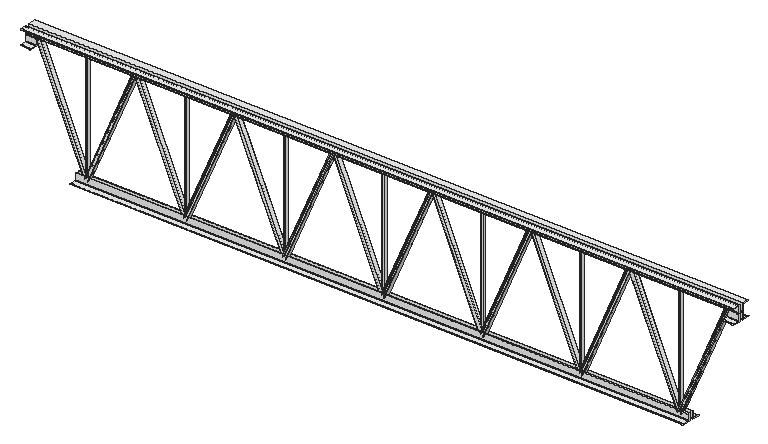
Revit family "Caibro da barra - Banzo de 2L com trama de 2L", category Quadro estrutural, Revit 2019
Family settings
  Arredondamento do comprimento do framing estrutural = 1 mm
  Forma do corte = Não definido
  Material para o comportamento do modelo = Aço
  Exportar sempre como geometria = Sim
  Sempre na vertical = Sim
  Corte com vazios quando carregada = Não
  Representação simbólica = Da família
  Compartilhado = Não
  Exibir o pré-corte da família na vista da planta = Sim
Parameters (values of type "2L D170")
  b = Altura do perfil da rede1 + Espessura do perfil da rede1  # 55.6 mm
  Espessura do perfil da rede1 = 4.8 mm
  Altura do perfil da rede1 = 50.8 mm
  Espessura do perfil da rede2 = 3.2 mm
  Altura do perfil da rede2 = 31.8 mm
  Material da rede [instance] = Metal - Aço - 250 MPa
  Visibilidade do membro vertical = yes
  Structural Material [instance] = Metal - Aço - 250 MPa
  Deslocamento inicial [instance] = 0 mm
  Extensão inicial do cordão superior [instance] = 0 mm
  SpaceNum [instance] = 2 * Número da metade do espaço  # 14
  Espessura do perfil do assento = 6.4 mm
  Altura do perfil do assento = 101.6 mm
  Comprimento do assento = 150 mm
  Profundidade do assento [instance] = Altura do perfil do assento + Altura do perfil do banzo  # 203.2 mm
  Linear = 1700 mm
  LarguraPainel [instance] = (Length - Comprimento do assento * 2) / SpaceNum  # 692.857 mm
  NumMatrizPainel 2 [instance] = Meio NúmeroMatrizPainel + 1  # 7
  NumMatrizPainel 1 [instance] = Meio NúmeroMatrizPainel  # 6
  NumMatrizPainel [instance] = SpaceNum - 3  # 11
  Altura do painel = Linear - Altura do perfil do banzo  # 1598.4 mm
  Comprimento do deslocamento 2 [instance] = Painel final - Deslocamento final + Extensão final do cordão inferior  # 142.857 mm
  Comprimento do deslocamento 1 [instance] = Painel final - Deslocamento inicial + Extensão inicial do cordão inferior  # 142.857 mm
  Número da metade do espaço [instance] = 7
  Altura de metade do banzo = Altura do perfil do banzo / 2  # 50.8 mm
  Extensão inicial do cordão inferior [instance] = -700 mm
  Extensão final do cordão inferior [instance] = -700 mm
  Meio NúmeroMatrizPainel [instance] = NumMatrizPainel / 2  # 6
  Painel final [instance] = LarguraPainel + Comprimento do assento  # 842.857 mm
  Deslocamento final [instance] = 0 mm
  Extensão final do cordão superior [instance] = 0 mm
  Altura do perfil do banzo = 101.6 mm
  Espessura do perfil do banzo = 6.4 mm
  Assembly Code = ""
  Length [instance] = 10000 mm
Reference planes
  plane 1 "Centro (Frente/Trás)": y = 0
  plane 2: z = 0
  plane 3 "Centro (Esquerda/Direita)": x = 458.446
  plane 4 "Membro esquerdo": x = -3381.554
  plane 5 "Membro direito": x = 3560.61
  plane 6: y = 27.8
  plane 7: y = -27.8
  plane 8: z = 850
  plane 9: z = -850
  plane 10 "Esquerda": x = -4541.554
  plane 11 "Símbolo esquerdo de verga": x = -5435.59
  plane 12 "Símbolo direito de verga": x = 6401.136
  plane 13 "Direita": x = 5458.446
  plane 14: x = -4391.554
  plane 15: x = -3698.697
  plane 16: x = 5308.446
  plane 17: x = 4615.588
  plane 18: z = 748.4
  plane 19: z = -748.4
  plane 20: x = -4541.554
  plane 21: x = 5458.446
  plane 22: x = -4541.554
  plane 23: x = 5458.446
  plane 24: x = 3922.731
  plane 25: x = 3229.874
  plane 26: x = -3005.84
  plane 27: x = -2312.983
  plane 28: x = -1620.126
  plane 29: x = -3841.554
  plane 30: x = 4758.446
  plane 31: x = -5435.59
  plane 32 "Esquerda do símbolo": x = -5435.59
  plane 33: x = 6401.136
  plane 34 "Direita do símbolo": x = 6401.136
  plane 35: z = 799.2
  plane 36: z = -799.2
  plane 37: z = 646.8
Forms (mm)
  Sweep 1, solid, material "Metal - Aço - 250 MPa" <- "Structural Material", detail levels medium+fine
    path origin (0, 0, 0) x (1, 0, 0) y (0, 0, 1)
      loop
        line (-4541.554, 799.2) -> (5458.446, 799.2)
    profile "Banzo - Perfil : Banzo - Perfil" origin (458.446, 0, 799.2) x (0, 0, 1) y (0, -1, 0)
      loop
        line (-50.8, 27.8) -> (50.8, 27.8) -> (50.8, 129.4)
        arc (50.8, 129.4) -> (46.275, 127.525) -> (44.4, 123) r 6.4
        line (44.4, 123) -> (44.4, 40.6)
        arc (44.4, 40.6) -> (42.525, 36.075) -> (38, 34.2) r 6.4
        line (38, 34.2) -> (-44.4, 34.2)
        arc (-44.4, 34.2) -> (-48.925, 32.325) -> (-50.8, 27.8) r 6.4
      loop
        arc (-50.8, -27.8) -> (-48.925, -32.325) -> (-44.4, -34.2) r 6.4
        line (-44.4, -34.2) -> (38, -34.2)
        arc (38, -34.2) -> (42.525, -36.075) -> (44.4, -40.6) r 6.4
        line (44.4, -40.6) -> (44.4, -123)
        arc (44.4, -123) -> (46.275, -127.525) -> (50.8, -129.4) r 6.4
        line (50.8, -129.4) -> (50.8, -27.8) -> (-50.8, -27.8)
  Sweep 2, solid, material "Metal - Aço - 250 MPa" <- "Structural Material", detail levels medium+fine
    path origin (0, 0, 0) x (1, 0, 0) y (0, 0, 1)
      loop
        line (-3841.554, -799.2) -> (4758.446, -799.2)
    profile "Banzo - Perfil : Banzo - Perfil" origin (458.446, 0, -799.2) x (0, 0, 1) y (0, -1, 0)
      loop
        line (50.8, -27.8) -> (-50.8, -27.8) -> (-50.8, -129.4)
        arc (-50.8, -129.4) -> (-46.275, -127.525) -> (-44.4, -123) r 6.4
        line (-44.4, -123) -> (-44.4, -40.6)
        arc (-44.4, -40.6) -> (-42.525, -36.075) -> (-38, -34.2) r 6.4
        line (-38, -34.2) -> (44.4, -34.2)
        arc (44.4, -34.2) -> (48.925, -32.325) -> (50.8, -27.8) r 6.4
      loop
        arc (50.8, 27.8) -> (48.925, 32.325) -> (44.4, 34.2) r 6.4
        line (44.4, 34.2) -> (-38, 34.2)
        arc (-38, 34.2) -> (-42.525, 36.075) -> (-44.4, 40.6) r 6.4
        line (-44.4, 40.6) -> (-44.4, 123)
        arc (-44.4, 123) -> (-46.275, 127.525) -> (-50.8, 129.4) r 6.4
        line (-50.8, 129.4) -> (-50.8, 27.8) -> (50.8, 27.8)
  Sweep 3, solid, material "Metal - Aço - 250 MPa" <- "Material da rede", detail levels medium+fine
    path in 3D
      loop
        line (-4391.554, 0, 799.2) -> (-3698.697, 0, -799.2)
    profile "Teia-Perfil : Teia-Perfil" origin (-4045.126, 0, 0) x (0.91751, 0, 0.397712) y (0, -1, 0)
      loop
        line (27.8, -23) -> (27.8, 27.8) -> (-23, 27.8)
        arc (-23, 27.8) -> (-21.594, 24.406) -> (-18.2, 23) r 4.8
        line (-18.2, 23) -> (18.2, 23)
        arc (18.2, 23) -> (21.594, 21.594) -> (23, 18.2) r 4.8
        line (23, 18.2) -> (23, -18.2)
        arc (23, -18.2) -> (24.406, -21.594) -> (27.8, -23) r 4.8
      loop
        arc (23, -27.8) -> (21.594, -24.406) -> (18.2, -23) r 4.8
        line (18.2, -23) -> (-18.2, -23)
        arc (-18.2, -23) -> (-21.594, -21.594) -> (-23, -18.2) r 4.8
        line (-23, -18.2) -> (-23, 18.2)
        arc (-23, 18.2) -> (-24.406, 21.594) -> (-27.8, 23) r 4.8
        line (-27.8, 23) -> (-27.8, -27.8) -> (23, -27.8)
  Sweep 4, solid, material "Metal - Aço - 250 MPa" <- "Material da rede", detail levels medium+fine
    path in 3D
      loop
        line (4615.588, 0, -799.2) -> (5308.446, 0, 799.2)
    profile "Teia-Perfil : Teia-Perfil" origin (4962.017, 0, 0) x (-0.91751, 0, 0.397712) y (0, -1, 0)
      loop
        line (27.8, -23) -> (27.8, 27.8) -> (-23, 27.8)
        arc (-23, 27.8) -> (-21.594, 24.406) -> (-18.2, 23) r 4.8
        line (-18.2, 23) -> (18.2, 23)
        arc (18.2, 23) -> (21.594, 21.594) -> (23, 18.2) r 4.8
        line (23, 18.2) -> (23, -18.2)
        arc (23, -18.2) -> (24.406, -21.594) -> (27.8, -23) r 4.8
      loop
        arc (23, -27.8) -> (21.594, -24.406) -> (18.2, -23) r 4.8
        line (18.2, -23) -> (-18.2, -23)
        arc (-18.2, -23) -> (-21.594, -21.594) -> (-23, -18.2) r 4.8
        line (-23, -18.2) -> (-23, 18.2)
        arc (-23, 18.2) -> (-24.406, 21.594) -> (-27.8, 23) r 4.8
        line (-27.8, 23) -> (-27.8, -27.8) -> (23, -27.8)
  Sweep 5, solid, material "Metal - Aço - 250 MPa" <- "Structural Material", detail levels medium+fine
    path origin (0, 27.8, 0) x (0, 0, -1) y (-1, 0, 0)
      loop
        line (-646.8, 4541.554) -> (-646.8, 4391.554)
    profile "Assento - Perfil : Assento - Perfil" origin (-4466.554, 27.8, 646.8) x (0, 0, -1) y (0, 1, 0)
      loop
        arc (0, 101.6) -> (-4.525, 99.725) -> (-6.4, 95.2) r 6.4
        line (-6.4, 95.2) -> (-6.4, 12.8)
        arc (-6.4, 12.8) -> (-8.275, 8.275) -> (-12.8, 6.4) r 6.4
        line (-12.8, 6.4) -> (-95.2, 6.4)
        arc (-95.2, 6.4) -> (-99.725, 4.525) -> (-101.6, 0) r 6.4
        line (-101.6, 0) -> (0, 0) -> (0, 101.6)
  Sweep 6, solid, material "Metal - Aço - 250 MPa" <- "Structural Material", detail levels medium+fine
    path origin (0, -27.8, 0) x (0, 0, -1) y (-1, 0, 0)
      loop
        line (-646.8, 4391.554) -> (-646.8, 4541.554)
    profile "Assento - Perfil : Assento - Perfil" origin (-4466.554, -27.8, 646.8) x (0, 0, 1) y (0, 1, 0)
      loop
        arc (0, -101.6) -> (4.525, -99.725) -> (6.4, -95.2) r 6.4
        line (6.4, -95.2) -> (6.4, -12.8)
        arc (6.4, -12.8) -> (8.275, -8.275) -> (12.8, -6.4) r 6.4
        line (12.8, -6.4) -> (95.2, -6.4)
        arc (95.2, -6.4) -> (99.725, -4.525) -> (101.6, 0) r 6.4
        line (101.6, 0) -> (0, 0) -> (0, -101.6)
  Sweep 7, solid, material "Metal - Aço - 250 MPa" <- "Structural Material", detail levels medium+fine
    path origin (0, 27.8, 0) x (0, 0, -1) y (-1, 0, 0)
      loop
        line (-646.8, -5308.446) -> (-646.8, -5458.446)
    profile "Assento - Perfil : Assento - Perfil" origin (5383.446, 27.8, 646.8) x (0, 0, -1) y (0, 1, 0)
      loop
        arc (0, 101.6) -> (-4.525, 99.725) -> (-6.4, 95.2) r 6.4
        line (-6.4, 95.2) -> (-6.4, 12.8)
        arc (-6.4, 12.8) -> (-8.275, 8.275) -> (-12.8, 6.4) r 6.4
        line (-12.8, 6.4) -> (-95.2, 6.4)
        arc (-95.2, 6.4) -> (-99.725, 4.525) -> (-101.6, 0) r 6.4
        line (-101.6, 0) -> (0, 0) -> (0, 101.6)
  Sweep 8, solid, material "Metal - Aço - 250 MPa" <- "Structural Material", detail levels medium+fine
    path origin (0, -27.8, 0) x (0, 0, -1) y (-1, 0, 0)
      loop
        line (-646.8, -5458.446) -> (-646.8, -5308.446)
    profile "Assento - Perfil : Assento - Perfil" origin (5383.446, -27.8, 646.8) x (0, 0, 1) y (0, 1, 0)
      loop
        arc (0, -101.6) -> (4.525, -99.725) -> (6.4, -95.2) r 6.4
        line (6.4, -95.2) -> (6.4, -12.8)
        arc (6.4, -12.8) -> (8.275, -8.275) -> (12.8, -6.4) r 6.4
        line (12.8, -6.4) -> (95.2, -6.4)
        arc (95.2, -6.4) -> (99.725, -4.525) -> (101.6, 0) r 6.4
        line (101.6, 0) -> (0, 0) -> (0, -101.6)
Lines and regions (mm)
  symbolic lines, style "StructuralFraming", detail levels coarse+medium
    curve 1: line (0, 0, -850) -> (0, 0, 850)
  reference lines
    curve 2: line (-5285.59, 0, -973.508) -> (-5285.59, 0, 929.692)
    curve 3: line (-4442.733, 0, -979.858) -> (-4442.733, 0, 929.692)
    curve 4: line (6251.136, 0, -920.588) -> (6251.136, 0, 931.812)
    curve 5: line (5408.279, 0, -1047.588) -> (5408.279, 0, 931.812)
  model lines, style "Viga mestra da travessa", detail levels coarse
    curve 6: line (5408.279, 0, -850) -> (-4442.733, 0, -850)
    curve 7: line (6401.136, 0, 850) -> (-5435.59, 0, 850)
  model lines, style "Caibro da teia", detail levels coarse
    curve 8: line (-4442.733, 0, -850) -> (-5285.59, 0, 850)
    curve 9: line (5408.279, 0, -850) -> (6251.136, 0, 850)
  model lines, not visible, detail levels medium
    curve 10: line (-4391.554, 0, 799.2) -> (-3698.697, 0, -799.2)
    curve 12: line (4615.588, 0, -799.2) -> (5308.446, 0, 799.2)
  sketch lines
    curve 11: line (-4391.554, 0, 799.2) -> (-3698.697, 0, -799.2)
    curve 13: line (4615.588, 0, -799.2) -> (5308.446, 0, 799.2)
Dimensions and locks
  equal spacing: plane 9, plane 2, plane 8
  "Length": plane 10 "Esquerda" to plane 13 "Direita"
  equal spacing: plane 10 "Esquerda", plane 3 "Centro (Esquerda/Direita)", plane 13 "Direita"
  "Painel final": curve 3 to curve 2
  "Painel final": curve 4 to curve 5
  "Linear": plane 9 to plane 8
  "Painel final": plane 10 "Esquerda" to plane 15
  "Painel final": plane 13 "Direita" to plane 17
  "Deslocamento inicial": plane 10 "Esquerda" to plane 22
  "Comprimento do assento": plane 22 to plane 14
  "Extensão inicial do cordão superior": plane 20 to plane 22
  "Deslocamento final": plane 23 to plane 13 "Direita"
  "Comprimento do assento": plane 16 to plane 23
  "Extensão final do cordão superior": plane 23 to plane 21
  "LarguraPainel": plane 17 to plane 24
  "LarguraPainel": plane 24 to plane 25
  "LarguraPainel": plane 15 to plane 26
  "LarguraPainel": plane 27 to plane 26
  "LarguraPainel": plane 28 to plane 27
  "Comprimento do deslocamento 1": plane 15 to plane 29
  "Comprimento do deslocamento 2": plane 30 to plane 17
  "Deslocamento inicial": plane 11 "Símbolo esquerdo de verga" to plane 31
  "Comprimento do assento": curve 2 to plane 31
  "Extensão inicial do cordão superior": plane 31 to plane 32 "Esquerda do símbolo"
  "Comprimento do assento": plane 33 to curve 4
  "Extensão final do cordão superior": plane 34 "Direita do símbolo" to plane 33
  "Deslocamento final": plane 12 "Símbolo direito de verga" to plane 33
  "Altura do perfil do banzo": plane 18 to plane 8
  "Altura do perfil do banzo": plane 9 to plane 19
  "Altura de metade do banzo": plane 8 to plane 35
  "Altura de metade do banzo": plane 36 to plane 9
  equal spacing: group 1, group 2, group 3, group 4, group 5, group 6  (x3)
  equal spacing: group 7, group 8, group 9, group 10, group 11, group 12, group 13  (x3)
  equal spacing: group 14, group 15, group 16, group 17, group 18, group 19  (x3)
  "Profundidade do assento": plane 8 to plane 37
  equal spacing: plane 6, plane 1 "Centro (Frente/Trás)", plane 7
  "b": plane 6 to plane 7
  aligned and locked: curve 6 to plane 9
  aligned and locked: curve 7 to plane 8
  aligned and locked: curve 3 to curve 6
  aligned and locked: curve 5 to curve 6
  aligned and locked: curve 2 to curve 8
  aligned and locked: curve 4 to curve 9
  aligned and locked: plane 32 "Esquerda do símbolo" to curve 7
  aligned and locked: plane 34 "Direita do símbolo" to curve 7
  aligned and locked: Sweep 1 sketch curve to plane 35
  aligned and locked: plane 36 to Sweep 2 sketch curve
  aligned and locked: Sweep 2 sketch curve to plane 30
  aligned and locked: Sweep 2 sketch curve to plane 29
  aligned and locked: plane 14 to curve 10
  aligned and locked: plane 35 to curve 10
  aligned and locked: plane 36 to curve 10
  aligned and locked: plane 16 to curve 12
  aligned and locked: plane 35 to curve 12
  aligned and locked: plane 36 to curve 12
  aligned and locked: plane 17 to curve 12
  aligned and locked: plane 15 to curve 10
  aligned and locked: plane 35 to nested 1
  aligned and locked: nested 1 to plane 15
  aligned and locked: nested 2 to plane 27
  aligned and locked: plane 1 "Centro (Frente/Trás)" to nested 1
  aligned and locked: plane 1 "Centro (Frente/Trás)" to nested 2
  aligned and locked: plane 1 "Centro (Frente/Trás)" to nested 7
  aligned and locked: nested 7 to plane 15
  aligned and locked: nested 7 to plane 35
  aligned and locked: nested 8 to plane 27
  aligned and locked: nested 14 to plane 1 "Centro (Frente/Trás)"
  aligned and locked: nested 14 to plane 27
  aligned and locked: nested 14 to plane 35
  aligned and locked: nested 15 to plane 28
  aligned and locked: Sweep 5 sketch curve to plane 37
  aligned and locked: plane 22 to Sweep 5 sketch curve
  aligned and locked: plane 14 to Sweep 5 sketch curve
  aligned and locked: Sweep 6 sketch curve to plane 37
  aligned and locked: plane 22 to Sweep 6 sketch curve
  aligned and locked: plane 14 to Sweep 6 sketch curve
  aligned and locked: Sweep 7 sketch curve to plane 37
  aligned and locked: plane 16 to Sweep 7 sketch curve
  aligned and locked: plane 23 to Sweep 7 sketch curve
  aligned and locked: Sweep 8 sketch curve to plane 37
  aligned and locked: plane 23 to Sweep 8 sketch curve
  aligned and locked: plane 16 to Sweep 8 sketch curve
  aligned and locked: plane 20 to Sweep 1 sketch curve
  aligned and locked: plane 21 to Sweep 1 sketch curve
Automatic sketch dimensions
  curve 1 to plane 1 "Centro (Frente/Trás)" = 0 mm
  curve 1 to plane 9 = 0 mm
  curve 1 to plane 8 = 0 mm
  plane 9 to curve 5 = 197.588 mm
  plane 9 to curve 3 = 129.858 mm
  plane 9 to curve 2 = 123.508 mm
  plane 9 to curve 4 = 70.588 mm
  curve 3 to plane 8 = 79.692 mm
  curve 2 to plane 8 = 79.692 mm
  curve 5 to plane 8 = 81.812 mm
  curve 4 to plane 8 = 81.812 mm
Nested families
  nested 1: "Rede 1" at (-3698.697, 0, 0), type "Rede 1"
    with Espessura da teia 4.8 mm, Altura da teia 50.8 mm, Altura do painel 1598.4 mm
  nested 2: "Rede 1" at (-2312.983, 0, 0), type "Rede 1"
    with Espessura da teia 4.8 mm, Altura da teia 50.8 mm, Altura do painel 1598.4 mm
  nested 3: "Rede 1" at (-927.269, 0, 0), type "Rede 1"
    with Espessura da teia 4.8 mm, Altura da teia 50.8 mm, Altura do painel 1598.4 mm
  nested 4: "Rede 1" at (458.446, 0, 0), type "Rede 1"
    with Espessura da teia 4.8 mm, Altura da teia 50.8 mm, Altura do painel 1598.4 mm
  nested 5: "Rede 1" at (1844.16, 0, 0), type "Rede 1"
    with Espessura da teia 4.8 mm, Altura da teia 50.8 mm, Altura do painel 1598.4 mm
  nested 6: "Rede 1" at (3229.874, 0, 0), type "Rede 1"
    with Espessura da teia 4.8 mm, Altura da teia 50.8 mm, Altura do painel 1598.4 mm
  nested 7: "Rede 2" at (-3698.697, 0, 0), visible <- "Visibilidade do membro vertical", type "Rede 2"
    with Espessura da teia 3.2 mm, Altura da teia 31.8 mm, Altura do painel 1598.4 mm
  nested 8: "Rede 2" at (-2312.983, 0, 0), visible <- "Visibilidade do membro vertical", type "Rede 2"
    with Espessura da teia 3.2 mm, Altura da teia 31.8 mm, Altura do painel 1598.4 mm
  nested 9: "Rede 2" at (-927.269, 0, 0), visible <- "Visibilidade do membro vertical", type "Rede 2"
    with Espessura da teia 3.2 mm, Altura da teia 31.8 mm, Altura do painel 1598.4 mm
  nested 10: "Rede 2" at (458.446, 0, 0), visible <- "Visibilidade do membro vertical", type "Rede 2"
    with Espessura da teia 3.2 mm, Altura da teia 31.8 mm, Altura do painel 1598.4 mm
  nested 11: "Rede 2" at (1844.16, 0, 0), visible <- "Visibilidade do membro vertical", type "Rede 2"
    with Espessura da teia 3.2 mm, Altura da teia 31.8 mm, Altura do painel 1598.4 mm
  nested 12: "Rede 2" at (3229.874, 0, 0), visible <- "Visibilidade do membro vertical", type "Rede 2"
    with Espessura da teia 3.2 mm, Altura da teia 31.8 mm, Altura do painel 1598.4 mm
  nested 13: "Rede 2" at (4615.588, 0, 0), visible <- "Visibilidade do membro vertical", type "Rede 2"
    with Espessura da teia 3.2 mm, Altura da teia 31.8 mm, Altura do painel 1598.4 mm
  nested 14: "Rede 1" at (-2312.983, 0, 0) x (-1, 0, 0) z (0, 0, 1), type "Rede 1"
    with Espessura da teia 4.8 mm, Altura da teia 50.8 mm, Altura do painel 1598.4 mm
  nested 15: "Rede 1" at (-927.269, 0, 0) x (-1, 0, 0) z (0, 0, 1), type "Rede 1"
    with Espessura da teia 4.8 mm, Altura da teia 50.8 mm, Altura do painel 1598.4 mm
  nested 16: "Rede 1" at (458.446, 0, 0) x (-1, 0, 0) z (0, 0, 1), type "Rede 1"
    with Espessura da teia 4.8 mm, Altura da teia 50.8 mm, Altura do painel 1598.4 mm
  nested 17: "Rede 1" at (1844.16, 0, 0) x (-1, 0, 0) z (0, 0, 1), type "Rede 1"
    with Espessura da teia 4.8 mm, Altura da teia 50.8 mm, Altura do painel 1598.4 mm
  nested 18: "Rede 1" at (3229.874, 0, 0) x (-1, 0, 0) z (0, 0, 1), type "Rede 1"
    with Espessura da teia 4.8 mm, Altura da teia 50.8 mm, Altura do painel 1598.4 mm
  nested 19: "Rede 1" at (4615.588, 0, 0) x (-1, 0, 0) z (0, 0, 1), type "Rede 1"
    with Espessura da teia 4.8 mm, Altura da teia 50.8 mm, Altura do painel 1598.4 mm
Definition of nested family "Rede 1"
  Parameters
    Espessura da teia = 3.6 mm
    Altura da teia = 60 mm
    Largura do painel = 692.857 mm
    Altura do painel = 1570 mm
    Material = none
  Reference planes
    plane 1 "Centro (Frente/Trás)": y = 0
    plane 2: z = 0
    plane 3 "Centro (Esquerda/Direita)": x = 0
    plane 4: z = 785
    plane 5: z = -785
    plane 6: x = 692.857
  Forms (mm)
    Sweep 1, solid, material <- "Material", detail levels medium+fine
      path in 3D
        loop
          line (0, 0, -785) -> (692.857, 0, 785)
      profile "Teia-Perfil : Teia-Perfil" origin (346.429, 0, 0) x (-0.914873, 0, 0.403743) y (0, -1, 0)
        loop
          line (31.8, -28.2) -> (31.8, 31.8) -> (-28.2, 31.8)
          arc (-28.2, 31.8) -> (-27.146, 29.254) -> (-24.6, 28.2) r 3.6
          line (-24.6, 28.2) -> (24.6, 28.2)
          arc (24.6, 28.2) -> (27.146, 27.146) -> (28.2, 24.6) r 3.6
          line (28.2, 24.6) -> (28.2, -24.6)
          arc (28.2, -24.6) -> (29.254, -27.146) -> (31.8, -28.2) r 3.6
        loop
          arc (28.2, -31.8) -> (27.146, -29.254) -> (24.6, -28.2) r 3.6
          line (24.6, -28.2) -> (-24.6, -28.2)
          arc (-24.6, -28.2) -> (-27.146, -27.146) -> (-28.2, -24.6) r 3.6
          line (-28.2, -24.6) -> (-28.2, 24.6)
          arc (-28.2, 24.6) -> (-29.254, 27.146) -> (-31.8, 28.2) r 3.6
          line (-31.8, 28.2) -> (-31.8, -31.8) -> (28.2, -31.8)
  Lines and regions (mm)
    model lines
      curve 1: line (0, 0, 785) -> (692.857, 0, 785)
      curve 2: line (0, 0, -785) -> (0, 0, 785)
      curve 3: line (692.857, 0, -785) -> (0, 0, -785)
      curve 4: line (692.857, 0, 785) -> (692.857, 0, -785)
    model lines, not visible, detail levels medium
      curve 5: line (0, 0, -785) -> (692.857, 0, 785)
    sketch lines
      curve 6: line (0, 0, -785) -> (692.857, 0, 785)
  Dimensions and locks
    equal spacing: plane 4, level, plane 5
    "Largura do painel": plane 6 to plane 3 "Centro (Esquerda/Direita)"
    "Altura do painel": plane 4 to plane 5
    aligned and locked: level to plane 2
    aligned and locked: curve 1 to plane 4
    aligned and locked: curve 2 to plane 3 "Centro (Esquerda/Direita)"
    aligned and locked: plane 5 to curve 3
  Automatic sketch dimensions
    curve 5 to plane 6 = 0 mm
Definition of nested family "Rede 2"
  Parameters
    Espessura da teia = 3.6 mm
    Altura da teia = 50 mm
    Largura do painel = 692.857 mm
    Altura do painel = 1570 mm
    Material = none
  Reference planes
    plane 1 "Centro (Frente/Trás)": y = 0
    plane 2: z = 0
    plane 3 "Centro (Esquerda/Direita)": x = 0
    plane 4: z = 785
    plane 5: z = -785
  Forms (mm)
    Sweep 1, solid, material <- "Material", detail levels medium+fine
      path in 3D
        loop
          line (0, 0, 785) -> (0, 0, -785)
      profile "Teia-Perfil : Teia-Perfil" origin (0, 0, 0) x (1, 0, 0) y (0, -1, 0)
        loop
          line (26.8, -23.2) -> (26.8, 26.8) -> (-23.2, 26.8)
          arc (-23.2, 26.8) -> (-22.146, 24.254) -> (-19.6, 23.2) r 3.6
          line (-19.6, 23.2) -> (19.6, 23.2)
          arc (19.6, 23.2) -> (22.146, 22.146) -> (23.2, 19.6) r 3.6
          line (23.2, 19.6) -> (23.2, -19.6)
          arc (23.2, -19.6) -> (24.254, -22.146) -> (26.8, -23.2) r 3.6
        loop
          arc (23.2, -26.8) -> (22.146, -24.254) -> (19.6, -23.2) r 3.6
          line (19.6, -23.2) -> (-19.6, -23.2)
          arc (-19.6, -23.2) -> (-22.146, -22.146) -> (-23.2, -19.6) r 3.6
          line (-23.2, -19.6) -> (-23.2, 19.6)
          arc (-23.2, 19.6) -> (-24.254, 22.146) -> (-26.8, 23.2) r 3.6
          line (-26.8, 23.2) -> (-26.8, -26.8) -> (23.2, -26.8)
  Lines and regions (mm)
    model lines, not visible, detail levels medium
      curve 1: line (0, 0, 785) -> (0, 0, -785)
    sketch lines
      curve 2: line (0, 0, 785) -> (0, 0, -785)
  Dimensions and locks
    equal spacing: plane 4, level, plane 5
    "Altura do painel": plane 4 to plane 5
    aligned and locked: level to plane 2
    aligned and locked: curve 1 to plane 3 "Centro (Esquerda/Direita)"
    aligned and locked: plane 4 to curve 1
    aligned and locked: plane 5 to curve 1
